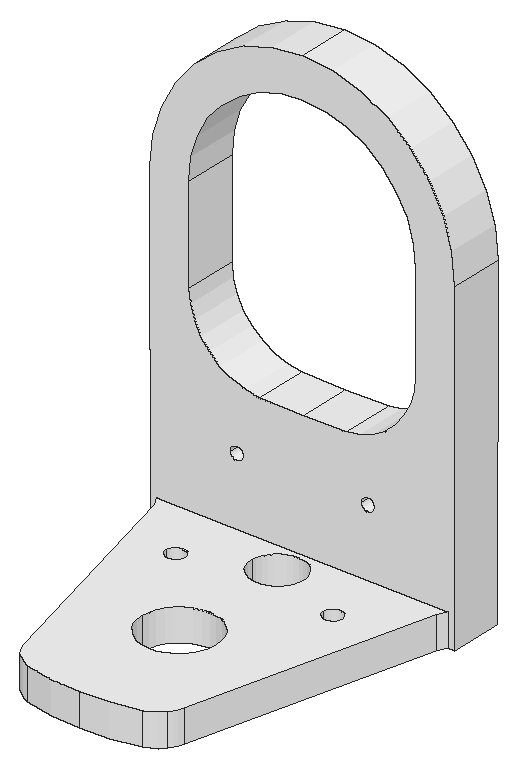
Revit family "Deca_Bacia convencional suspensa_Nuova_P.132", category Plumbing Fixtures, host Face, Revit 2019
Family settings
  Host = Face
  Round Connector Dimension = Use Radius
  Part Type = Normal
  Cut with Voids When Loaded = No
  Shared = No
  Room Calculation Point = No
Parameters (values of type "P.132.17_Branco")
  Vazão na Pressão mín. (L/min) = "-"
  Vazão na Pressão máx. (L/min) = "-"
  URL = "www.deca.com.br"
  Tipo de rosca de saída = "-"
  Tipo de rosca de entrada = "-"
  Tipo de mecanismo utilizado = "-"
  Tipo de dispositivo economizador = "-"
  Segmento = "Banheiro Médio"
  Saída de Esgoto = "Saída de Esgoto Horizontal"
  Raio Água Fria = 0.02 m  # constant formula
  Raio Ponto de Esgoto = 0.05 m  # constant formula
  Pressão mín. funcionamento = "-"
  Pressão mín. Aquec. Passagem = "-"
  Pressão mín. Aquec. Acúmulo = "-"
  Pressão máx. funcionamento = "-"
  Peso Líquido (Kg) = 20.883
  Norma = "NBR-16727-1;NBR-16727-2"
  Model = "P.132.17"
  Material = Deca_Branco
  Manufacturer = "Deca"
  Linha = "Nuova"
  Itens de Instalação = "-"
  Informações Complementares = "-"
  Diâmetro Água Fria = 2 * Raio Água Fria  # 0.04 m
  Diâmetro Ponto de Esgoto = 2 * Raio Ponto de Esgoto  # 0.10 m
  Description = "Bacia convencional suspensa"
  Default Elevation = 0.00 m
  Código Pai = "P.132"
  Criado por = "quattroD"
  Cores Componente = "-"
  Cor Secundária = "-"
  Cor Principal = "Branco"
  Cor Interna = "-"
  Consumo = "6 lpf"
  Composição Componente = "Não Possui"
  Composição Básica = "Argila, feldspato, caulim, vidrados e corantes inorgânicos."
  Composição Assento = "-"
  Composição Anel Vedação = "Não Possui"
  Categoria = "BACIAS E BIDES"
  Atendimento ao Cliente = "0800-0117073"
  Aprovado por = "quattroD"
  Acompanha o Produto = "Conexão de entrada de água para Bacia convencional + Acabamento para fixação (SBS.01.17)"
Reference planes (m)
  plane 1 "Center (Front/Back)": y = 0.207945
  plane 2: z = 0
  plane 3 "Center (Left/Right)": x = 0
  plane 4: y = -0.212055
  plane 5: y = -0.022055
  plane 6: y = 0.117945
Forms (m)
  Extrusion 1, solid, material "Deca_Branco" <- "Material"
    sketch origin (0, 0, 0) x (1, 0, 0) y (0, 1, 0)
      loop
        arc (-0.170103, 0.207945) -> (-0.172886, 0.206792) -> (-0.174039, 0.204008) r 0.003936
        line (-0.174039, 0.204008) -> (-0.174039, 0.152945) -> (-0.169517, 0.152945) -> (-0.161176, 0.136675) -> (-0.091866, -0.136611)
        arc (-0.091866, -0.136611) -> (-0.088904, -0.14445) -> (-0.084262, -0.151428) r 0.037201
        arc (-0.084262, -0.151428) -> (-0.075877, -0.158788) -> (-0.065687, -0.163331) r 0.037201
        arc (-0.065687, -0.163331) -> (-0.033142, -0.169919) -> (0, -0.171964) r 0.240549
        arc (0, -0.171964) -> (0.033142, -0.169919) -> (0.065687, -0.163331) r 0.240549
        arc (0.065687, -0.163331) -> (0.075877, -0.158788) -> (0.084262, -0.151428) r 0.037201
        arc (0.084262, -0.151428) -> (0.088904, -0.14445) -> (0.091866, -0.136611) r 0.037201
        line (0.091866, -0.136611) -> (0.161176, 0.136675) -> (0.169517, 0.152945) -> (0.174039, 0.152945) -> (0.174039, 0.204008)
        arc (0.174039, 0.204008) -> (0.172886, 0.206792) -> (0.170103, 0.207945) r 0.003936
        line (0.170103, 0.207945) -> (-0.170103, 0.207945)
      loop
        circle (-0.090059, 0.078114) r 0.011
      loop
        circle (0.090059, 0.078114) r 0.011
      loop
        circle (-0.0001, -0.029001) r 0.043
      loop
        circle (-0.000213, 0.11176) r 0.03
    from 0 to 0.037
  Extrusion 2, solid, material "Deca_Branco" <- "Material"
    sketch origin (0, 0.207945, 0) x (1, 0, 0) y (0, 0, 1)
      loop
        line (-0.174476, 0.373824) -> (-0.174039, 0) -> (0.174039, 0) -> (0.174476, 0.373824)
        arc (0.174476, 0.373824) -> (0.123471, 0.497478) -> (0, 0.548925) r 0.174898
        arc (0, 0.548925) -> (-0.123471, 0.497478) -> (-0.174476, 0.373824) r 0.174898
      loop
        arc (-0.049696, 0.181179) -> (-0.02486, 0.180029) -> (0, 0.179645) r 0.805515
        arc (0, 0.179645) -> (0.02486, 0.180029) -> (0.049696, 0.181179) r 0.805515
        arc (0.049696, 0.181179) -> (0.106554, 0.207733) -> (0.130035, 0.265928) r 0.085625
        line (0.130035, 0.265928) -> (0.130035, 0.375)
        arc (0.130035, 0.375) -> (0.091915, 0.466756) -> (0, 0.50449) r 0.129491
        arc (0, 0.50449) -> (-0.091915, 0.466756) -> (-0.130035, 0.375) r 0.129491
        line (-0.130035, 0.375) -> (-0.130035, 0.265928)
        arc (-0.130035, 0.265928) -> (-0.106554, 0.207733) -> (-0.049696, 0.181179) r 0.085625
      loop
        circle (-0.075, 0.115) r 0.0075
      loop
        circle (0.075, 0.115) r 0.0075
    from 0 to 0.060647
Cuts and joins
  joined: Extrusion 1, Extrusion 2
Lines and regions (m)
  Masking region 1
    outline origin (0, 0, 0) x (1, 0, 0) y (0, 1, 0)
      loop
        line (0, 0.207945) -> (-0.169476, 0.207945)
        arc (-0.169476, 0.207945) -> (-0.173183, 0.2063) -> (-0.174451, 0.202449) r 0.005
        line (-0.174451, 0.202449) -> (-0.169517, 0.152945) -> (-0.161176, 0.136675) -> (-0.091866, -0.136611)
        arc (-0.091866, -0.136611) -> (-0.088904, -0.14445) -> (-0.084262, -0.151428) r 0.037201
        arc (-0.084262, -0.151428) -> (-0.075877, -0.158788) -> (-0.065687, -0.163331) r 0.037201
        arc (-0.065687, -0.163331) -> (-0.033142, -0.169919) -> (0, -0.171964) r 0.240549
        arc (0, -0.171964) -> (0.033142, -0.169919) -> (0.065687, -0.163331) r 0.240549
        arc (0.065687, -0.163331) -> (0.075877, -0.158788) -> (0.084262, -0.151428) r 0.037201
        arc (0.084262, -0.151428) -> (0.088904, -0.14445) -> (0.091866, -0.136611) r 0.037201
        line (0.091866, -0.136611) -> (0.161176, 0.136675) -> (0.169517, 0.152945) -> (0.174451, 0.202449)
        arc (0.174451, 0.202449) -> (0.173183, 0.2063) -> (0.169476, 0.207945) r 0.005
        line (0.169476, 0.207945) -> (0, 0.207945)
  Masking region 2
    outline origin (0, 0.207945, 0) x (1, 0, 0) y (0, 0, 1)
      loop
        arc (0.171996, 0) -> (0.173428, 0.000581) -> (0.174041, 0.002) r 0.002038
        line (0.174041, 0.002) -> (0.174476, 0.373824)
        arc (0.174476, 0.373824) -> (0.123471, 0.497478) -> (0, 0.548925) r 0.174898
        arc (0, 0.548925) -> (-0.123471, 0.497478) -> (-0.174476, 0.373824) r 0.174898
        line (-0.174476, 0.373824) -> (-0.174041, 0.002)
        arc (-0.174041, 0.002) -> (-0.173428, 0.000581) -> (-0.171996, 0) r 0.002038
        line (-0.171996, 0) -> (0.171996, 0)
  Masking region 3
    outline origin (0, 0, 0) x (0, 1, 0) y (0, 0, 1)
      loop
        line (0.207945, 0.002) -> (0.207945, 0.5436)
        arc (0.207945, 0.5436) -> (0.206023, 0.54754) -> (0.201735, 0.548452) r 0.005
        line (0.201735, 0.548452) -> (0.152945, 0.536287)
        arc (0.152945, 0.536287) -> (0.093576, 0.477636) -> (0.033397, 0.419816) r 6
        spline (0.033397, 0.419816) -> (0.029725, 0.416505) -> (0.025893, 0.413379) -> (0.021912, 0.410447) -> (0.017791, 0.407715) -> (0.013539, 0.40519) -> (0.009168, 0.402878) -> (0.004688, 0.400786) -> (0.00011, 0.398917) -> (-0.004555, 0.397277) -> (-0.009295, 0.395869) -> (-0.014099, 0.394697) -> (-0.018954, 0.393765)
        line (-0.018954, 0.393765) -> (-0.116346, 0.377544)
        arc (-0.116346, 0.377544) -> (-0.151928, 0.357543) -> (-0.16648, 0.319407) r 0.06
        line (-0.16648, 0.319407) -> (-0.17202, 0.002035)
        arc (-0.17202, 0.002035) -> (-0.171446, 0.000598) -> (-0.17002, 0) r 0.002
        line (-0.17002, 0) -> (0.205945, 0)
        arc (0.205945, 0) -> (0.207359, 0.000586) -> (0.207945, 0.002) r 0.002
  symbolic lines
    curve 1: line (-0.169517, 0.152945, 0) -> (0.169517, 0.152945, 0)
    curve 2: arc (0.071235, 0.012598, 0) -> (0.120852, 0.071268, 0) -> (0.161176, 0.136675, 0) r 0.514338
    curve 3: arc (0.072424, 0.013387, 0) -> (0.060803, -0.002961, 0) -> (0.055749, -0.022372, 0) r 0.055523
    curve 4: line (0.052256, -0.029947, 0) -> (0.054474, -0.108902, 0)
    curve 5: arc (0.054474, -0.108902, 0) -> (0.055177, -0.118256, 0) -> (0.056754, -0.127503, 0) r 0.099942
    curve 6: arc (0.056553, -0.016186, 0) -> (0.06255, -0.069181, 0) -> (0.07199, -0.121671, 0) r 0.817363
    curve 7: arc (0.07199, -0.121671, 0) -> (0.072972, -0.127394, 0) -> (0.073485, -0.133178, 0) r 0.071376
    curve 8: arc (0.073485, -0.133178, 0) -> (0.073308, -0.136747, 0) -> (0.072444, -0.140214, 0) r 0.018387
    curve 9: arc (0.072444, -0.140214, 0) -> (0.061791, -0.156985, 0) -> (0.044916, -0.167471, 0) r 0.044635
    curve 10: arc (-0.023383, -0.165385, 0) -> (0, -0.166614, 0) -> (0.023383, -0.165385, 0) r 0.223168
    curve 11: arc (-0.071235, 0.012598, 0) -> (-0.120852, 0.071268, 0) -> (-0.161176, 0.136675, 0) r 0.514338
    curve 12: arc (-0.072424, 0.013387, 0) -> (-0.060803, -0.002961, 0) -> (-0.055749, -0.022372, 0) r 0.055523
    curve 13: line (-0.052256, -0.029947, 0) -> (-0.054474, -0.108902, 0)
    curve 14: arc (-0.054474, -0.108902, 0) -> (-0.055177, -0.118256, 0) -> (-0.056754, -0.127503, 0) r 0.099942
    curve 15: arc (-0.056553, -0.016186, 0) -> (-0.06255, -0.069181, 0) -> (-0.07199, -0.121671, 0) r 0.817363
    curve 16: arc (-0.07199, -0.121671, 0) -> (-0.072972, -0.127394, 0) -> (-0.073485, -0.133178, 0) r 0.071376
    curve 17: arc (-0.073485, -0.133178, 0) -> (-0.073308, -0.136747, 0) -> (-0.072444, -0.140214, 0) r 0.018387
    curve 18: arc (-0.072444, -0.140214, 0) -> (-0.061791, -0.156985, 0) -> (-0.044916, -0.167471, 0) r 0.044635
    curve 19: line (-0.130035, 0.207945, 0.265928) -> (-0.130035, 0.207945, 0.375)
    curve 20: arc (0, 0.207945, 0.179645) -> (-0.02486, 0.207945, 0.180029) -> (-0.049696, 0.207945, 0.181179) r 0.805515
    curve 21: arc (-0.049696, 0.207945, 0.181179) -> (-0.106554, 0.207945, 0.207733) -> (-0.130035, 0.207945, 0.265928) r 0.085625
    curve 22: arc (-0.130035, 0.207945, 0.375) -> (-0.091915, 0.207945, 0.466756) -> (0, 0.207945, 0.50449) r 0.129491
    curve 23: line (-0.117179, 0.207945, 0.29) -> (-0.117179, 0.207945, 0.375)
    curve 24: arc (-0.117179, 0.207945, 0.375) -> (-0.082825, 0.207945, 0.457665) -> (0, 0.207945, 0.491634) r 0.116635
    curve 25: arc (-0.116443, 0.207945, 0.263892) -> (-0.116995, 0.207945, 0.276941) -> (-0.117179, 0.207945, 0.29) r 0.463465
    curve 26: arc (-0.109964, 0.207945, 0.238343) -> (-0.114434, 0.207945, 0.250806) -> (-0.116443, 0.207945, 0.263892) r 0.069068
    curve 27: arc (-0.080502, 0.207945, 0.204358) -> (-0.097575, 0.207945, 0.21932) -> (-0.109964, 0.207945, 0.238343) r 0.083146
    curve 28: arc (-0.044184, 0.207945, 0.191767) -> (-0.063131, 0.207945, 0.19579) -> (-0.080502, 0.207945, 0.204358) r 0.078004
    curve 29: arc (0, 0.207945, 0.190456) -> (-0.02211, 0.207945, 0.190502) -> (-0.044184, 0.207945, 0.191767) r 0.401091
    curve 30: arc (0, 0.207945, 0.179645) -> (-0.02486, 0.207945, 0.180029) -> (-0.049696, 0.207945, 0.181179) r 0.805515
    curve 31: circle (-0.075, 0.207945, 0.115) r 0.0075 normal (0, 1, 0)
    curve 32: arc (0.03496, 0.207945, 0.218312) -> (0, 0.207945, 0.21755) -> (-0.03496, 0.207945, 0.218312) r 0.802807
    curve 33: arc (-0.040021, 0.207945, 0.290434) -> (0, 0.207945, 0.330456) -> (0.040021, 0.207945, 0.290434) r 0.040021
    curve 34: arc (-0.044184, 0.207945, 0.191767) -> (-0.041062, 0.207945, 0.241057) -> (-0.040021, 0.207945, 0.290434) r 1.171434
    curve 35: line (0.130035, 0.207945, 0.265928) -> (0.130035, 0.207945, 0.375)
    curve 36: arc (0, 0.207945, 0.179645) -> (0.02486, 0.207945, 0.180029) -> (0.049696, 0.207945, 0.181179) r 0.805515
    curve 37: arc (0.049696, 0.207945, 0.181179) -> (0.106554, 0.207945, 0.207733) -> (0.130035, 0.207945, 0.265928) r 0.085625
    curve 38: arc (0.130035, 0.207945, 0.375) -> (0.091915, 0.207945, 0.466756) -> (0, 0.207945, 0.50449) r 0.129491
    curve 39: line (0.117179, 0.207945, 0.29) -> (0.117179, 0.207945, 0.375)
    curve 40: arc (0.117179, 0.207945, 0.375) -> (0.082825, 0.207945, 0.457665) -> (0, 0.207945, 0.491634) r 0.116635
    curve 41: arc (0.116443, 0.207945, 0.263892) -> (0.116995, 0.207945, 0.276941) -> (0.117179, 0.207945, 0.29) r 0.463465
    curve 42: arc (0.109964, 0.207945, 0.238343) -> (0.114434, 0.207945, 0.250806) -> (0.116443, 0.207945, 0.263892) r 0.069068
    curve 43: arc (0.080502, 0.207945, 0.204358) -> (0.097575, 0.207945, 0.21932) -> (0.109964, 0.207945, 0.238343) r 0.083146
    curve 44: arc (0.044184, 0.207945, 0.191767) -> (0.063131, 0.207945, 0.19579) -> (0.080502, 0.207945, 0.204358) r 0.078004
    curve 45: arc (0, 0.207945, 0.190456) -> (0.02211, 0.207945, 0.190502) -> (0.044184, 0.207945, 0.191767) r 0.401091
    curve 46: arc (0, 0.207945, 0.179645) -> (0.02486, 0.207945, 0.180029) -> (0.049696, 0.207945, 0.181179) r 0.805515
    curve 47: circle (0.075, 0.207945, 0.115) r 0.0075 normal (0, -1, 0)
    curve 48: arc (0.044184, 0.207945, 0.191767) -> (0.041062, 0.207945, 0.241057) -> (0.040021, 0.207945, 0.290434) r 1.171434
    curve 49: line (0, 0.152945, 0.536287) -> (0, 0.152945, 0)
    curve 50: line (0, 0.147945, 0.026874) -> (0, -0.136914, 0.027426)
    curve 51: line (0, -0.165197, 0.032351) -> (0, -0.165385, 0.319327)
    curve 52: arc (0, -0.165385, 0.319327) -> (0, -0.151503, 0.357396) -> (0, -0.116346, 0.377544) r 0.05903
    curve 53: arc (0, 0.152945, 0.137538) -> (0, 0.041906, 0.212407) -> (0, 0.012707, 0.343107) r 0.181033
    curve 54: arc (0, 0.012707, 0.343107) -> (0, 0.024872, 0.378601) -> (0, 0.034635, 0.414829) r 0.560584
    curve 55: arc (0, 0.034635, 0.414829) -> (0, 0.034617, 0.417472) -> (0, 0.033397, 0.419816) r 0.005637
    curve 56: line (0, 0.069447, 0.108491) -> (0, 0.05075, 0.036878)
Dimensions and locks (m)
  aligned and locked: plane 2 to host face
  aligned and locked: level to host face
Connectors (m)
  piping at (0, -0.022056, 0), diameter 0.1, driven by "Raio Ponto de Esgoto"
    settings: on host face, index 1, connector inside diameter 609.6 mm, connector length 0.00 m, flow factor 0, pipe flow 0.0 L/s, pressure drop 0.0 Pa, fitting loss kfactor 0, connector angle 0.00°, fixture units 0, engagement length 0.00 m, angle of deflection 0.00°, flow configuration 3, flow direction 2, fitting loss method 4, system type 16, joint type 0, gender type 0, connector reference index -1, connector utility 0, adjustable connector no, is connector primary yes, connector description ""
  piping at (0, 0.117944, 0), diameter 0.04, driven by "Raio Água Fria"
    settings: on host face, index 2, connector inside diameter 609.6 mm, connector length 0.00 m, flow factor 0, pipe flow 0.0 L/s, pressure drop 0.0 Pa, fitting loss kfactor 0, connector angle 0.00°, fixture units 0, engagement length 0.00 m, angle of deflection 0.00°, flow configuration 3, flow direction 1, fitting loss method 4, system type 20, joint type 0, gender type 0, connector reference index -1, connector utility 0, adjustable connector no, is connector primary no, connector description ""
